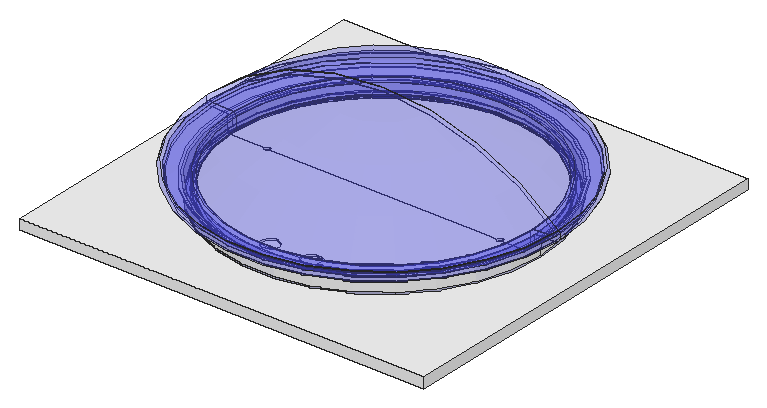
Revit family "BE_12140_de_DE", category Leuchten, Revit 2020
Family settings
  Basisbauteil = Fläche
  Bemaßung runder Anschluss = Durchmesser verwenden
  Teiletyp = Normal
  Beim Laden mit Abzugskörper schneiden = Ja
  Lichtquelle = Ja
  Gemeinsam genutzt = Nein
  Raumberechnungspunkt = Ja
Parameters (values of type "BEGA_12140_K3")
  built-in parameter 1150104 = 12.087 (stored number, unit not read)
  Wattage = 16.8 W
  Default Elevation = 0 mm
  built-in parameter 1150113 = 1 (stored number, unit not read)
  built-in parameter 1114218 = 1 (stored number, unit not read)
  Umgebungstemperatur = "25 °C"
  URL = "https://www.bega.com/de/produkt/12140"
  Typenkommentare = "© 2022 BEGA. Wir behalten uns das Recht vor, technische Änderungen ohne vorherige Ankündigung vorzunehmen."  # constant formula
  built-in parameter 1150134 = 12
  built-in parameter 1150109 = 1 (stored number, unit not read)
  Strom = ""
  built-in parameter 1150110 = 1 (stored number, unit not read)
  Spannung = 239.996 V
  Sonderanfertigung = no
  Seriennummer [instance] = "Hier können Sie die eindeutige Seriennummer für das Facility Management eintragen."
  Schutzklasse = "I"
  Schutzart = "IP 20"
  Scheinlast = 0 VA
  Produktdatenblatt = "http://www.bega.de/download/Xrfa/db/12140.db.de.pdf"
  Oberflächentemperatur = ""
  Neigungswinkel = 0.00°
  Model = "12140K4"
  Material_17 = BEGA_Reflektor
  Material_15 = BEGA_Leuchtmedium_matt
  Material_11 = BEGA_Glas_opal
  Material_09 = BEGA_Glas_klar
  Material_06 = BEGA_Oberfläche_Edelstahl_gebürstet
  Material_03 = BEGA_Oberfläche_Weiss_matt
  Material_02 = BEGA_Oberfläche_Silber_matt
  Material_01 [instance] = BEGA_Oberfläche_Grafit_matt
  M_W = no
  M_G = no
  M_A = no
  Logo = 0
  built-in parameter 1114217 = 1 (stored number, unit not read)
  built-in parameter 1150139 = (empty or 0)
  built-in parameter 1150105 = 628.35 (stored number, unit not read)
  built-in parameter 1150114 = 1 (stored number, unit not read)
  Lumens = 2185.68 lm
  built-in parameter 1150115 = 1 (stored number, unit not read)
  Leuchtenlichtstrom = "1486 lm"
  Leuchtenanzahl = ""
  Lebensdauerkriterien = "L70B50 @ 25 °C = 328000 h"
  Lastklassifizierung = Beleuchtung
  built-in parameter 1150112 = 1 (stored number, unit not read)
  Lampenlichtstrom = "2185 lm"
  Lamp = "LED 16.8 W"
  LED_Modulbezeichnung = "LED-0511/940"
  Hersteller = "BEGA"  # constant formula
  Halbstreuwinkel = ""
  Gewicht = "2.75 kg"
  Gebrauchslageneinschränkung [instance] = ""
  Frequenz = "0/50-60 Hz"
  Farbwiedergabeindex = "CRI > 90"
  Farbtemperaturverschiebung bei Dämpfen der Lampe = <Keine Auswahl>
  Farbtemperatur = "4000 K"
  Color Filter = 16777215
  built-in parameter 1150133 = 10 (stored number, unit not read)
  Energieeffizienzklasse = "LED A++ - A"
  built-in parameter 1150137 = (empty or 0)
  built-in parameter 1150132 = (empty or 0)
  ENEC = "ja"
  Dimmbar [instance] = "DALI"
  Photometric Web File = "BE_12140K4.IES"
  CE_Konformität = "ja"
  Bestellnummer = "12140K4"
  Beschreibung_Sonderanfertigung = "Hier können Sie Informationen zur Sonderanfertigung eintragen."
  Beschreibung = "Decken- und Wandleuchte"
  built-in parameter 1150106 = 6.2835 (stored number, unit not read)
  Befestigungsbohrung = "Ø 5,5 mm"
  Befestigungsabstand = "230 mm"
  Ballwurfsicher = ""
  BEGA_Intern_aus = yes
  BEGA_Intern_an = yes
  BEGA_Intern_Konstruktion = yes
  BEGA_Intern = yes
  BEGA_IES = yes
  BEGA_Dummy = no
  Anschlussleitung = ""
  Anschlussleistung [instance] = "20 W"
  Anschlusskasten = ""
  built-in parameter 1150107 = 4000 (stored number, unit not read)
  built-in parameter 1150102 = (empty or 0)
  built-in parameter 1150138 = (empty or 0)
  Aktualisierung = "2020-07-14T04:00:13"
  Abstand_zur_angestrahlten_Fläche [instance] = ""
  AC/DC = "AC/DC"
Types (2, lengths in mm): name | built-in parameter 1150104 | built-in parameter 1150134 | Model | built-in parameter 1150105 | Lumens | Leuchtenlichtstrom | Lampenlichtstrom | LED_Modulbezeichnung | Farbtemperatur | Photometric Web File | Bestellnummer | built-in parameter 1150106 | built-in parameter 1150107
  BEGA_12140_K3 | 11.669 (stored number, unit not read) | (empty or 0) | "12140K3" | 606.59 (stored number, unit not read) | 2110.08 lm | "1645 lm" | "2415 lm" | "LED-0511/930" | "3000 K" | "BE_12140K3.IES" | "12140K3" | 6.0659 (stored number, unit not read) | 3000 (stored number, unit not read)
  BEGA_12140_K27 | 12.087 (stored number, unit not read) | 12 | "12140K27" | 628.35 (stored number, unit not read) | 2185.68 lm | "1588 lm" | "2335 lm" | "LED-0511/927" | "2700 K" | "BE_12140K27.IES" | "12140K27" | 6.2835 (stored number, unit not read) | 4000 (stored number, unit not read)
Reference planes
  plane 1 "Mitte (Vorne/Hinten)": y = 0
  plane 2: z = 0
  plane 3 "Mitte (Links/Rechts)": x = 0
  plane 4 "Links": x = -175.231
  plane 5 "Rechts": x = 175.231
  plane 6 "Unten": y = -175.2
  plane 7 "Oben": y = 175.2
  plane 8 "Vorne": z = 98.4
  plane 9 "Hinten": z = 0
Forms (mm)
  Extrusion 1, solid, material "BEGA_Platte_Weiss"
    sketch origin (0, -1119.2, 0) x (1, 0, 0) y (0, 1, 0)
      loop
        line (-200, 1319.2) -> (-200, 919.2) -> (200, 919.2) -> (200, 1319.2) -> (-200, 1319.2)
    from 0 to -10
  Extrusion 2, solid, material "BEGA_Dummy_matt", visible <- "BEGA_Dummy"
    sketch origin (77.149, -76.023, 0) x (1, 0, 0) y (0, 1, 0)
      loop
        circle (-77.149, 76.023) r 175
    from 0 to 98.4
Dimensions and locks
  plane 1 "Mitte (Vorne/Hinten)" to Extrusion 1 = 200 mm
  aligned and locked: plane 2 to Extrusion 1
  aligned and locked: level to Extrusion 1
Nested families
  nested 1: "BE_12140" at (0, 0, 0) x (0, -1, 0) z (0, 0, 1), type "BE_12140"
Connectors
  electrical at (0, 0, 0), driven by "Lastklassifizierung", driven by "Spannung", driven by "Scheinlast"
    settings: index 1, voltage 239.996 V, apparent load 0 VA, apparent load phase1 0 VA, apparent load phase2 0 VA, apparent load phase3 0 VA, power factor 1, load classification "Beleuchtung", number of poles 1, system type 31, power factor state 1, is connector primary yes, connector utility no, sub classification motor no, connector description ""
Definition of nested family "BE_12140"
  Parameters (values of type "BE_12140")
    Default Elevation = 1 mm
    URL = "http://www.bega.de/de/produkt"
    Type Comments = "© 2015 BEGA. Wir behalten uns das Recht vor, technische Änderungen ohne vorherige Ankündigung vorzunehmen. "  # constant formula
    Type Image = (empty or 0)
    Neigungswinkel_um_Z2 = 0.00°
    Neigungswinkel_um_Z1 = 0.00°
    Neigungswinkel_um_Y2 = 0.00°
    Neigungswinkel_um_Y1 = 0.00°
    Neigungswinkel_um_X2 = 0.00°
    Neigungswinkel_um_X1 = 0.00°
    Material_17 = none
    Material_15 = none
    Material_11 = none
    Material_09 = none
    Material_06 = none
    Material_05 = none
    Material_03 = none
    Material_02 = none
    Material_01 = none
    M_W = yes
    M_G = yes
    M_A = yes
    Länge_Platte = 500 mm  # constant formula
    Höhe_Platte = -10 mm  # constant formula
    Manufacturer = "BEGA"  # constant formula
    Drehwinkel_um_Z2 = 0.00°
    Drehwinkel_um_Z1 = 0.00°
    Breite_Platte = 500 mm  # constant formula
  Reference planes
    plane 1 "Mitte (Oben/Unten)": y = 0
    plane 2: z = 0
    plane 3 "Mitte (Links/Rechts)": x = 0
    plane 4: y = 175.231
    plane 5: z = 98.4
    plane 6: y = -175.231
    plane 7: x = -175.2
    plane 8: x = 175.2
  Forms (mm)
    Extrusion 1, solid, detail levels medium
      sketch origin (0, 0, 0) x (1, 0, 0) y (0, 1, 0)
        loop
          line (-250, 250) -> (-250, -250) -> (250, -250) -> (250, 250) -> (-250, 250)
      from 0 to -10 <- "Höhe_Platte"
    Revolve 2, solid, material <- "Material_03", detail levels medium+fine
      sketch origin (0, 0, 0) x (0, 1, 0) y (0, 0, 1)
        loop
          line (159, 19.8) -> (159, 20.8) -> (156.831, 20.8)
          arc (156.831, 20.8) -> (155.563, 20.284) -> (155.024, 19.025) r 1.8
          line (155.024, 19.025) -> (154.767, 4.283)
          arc (154.767, 4.283) -> (154.468, 3.587) -> (153.767, 3.3) r 1
          line (153.767, 3.3) -> (0, 3.3) -> (0, 2.3) -> (153.767, 2.3)
          arc (153.767, 2.3) -> (155.169, 2.873) -> (155.767, 4.265) r 2
          line (155.767, 4.265) -> (156.024, 19.01)
          arc (156.024, 19.01) -> (156.264, 19.571) -> (156.829, 19.8) r 0.8
          line (156.829, 19.8) -> (159, 19.8)
        axis (0, 2.3) -> (0, 20.8)
      angle from 0 to 360
    Revolve 3, solid, material <- "Material_03", detail levels medium+fine
      sketch origin (0, 0, 0) x (0, 1, 0) y (0, 0, 1)
        loop
          arc (124.13, 1.943) -> (124.474, 2.206) -> (124.896, 2.3) r 1
          line (124.896, 2.3) -> (125.896, 3.3) -> (117.75, 3.3) -> (117.75, 0) -> (121.108, 0)
          arc (121.108, 0) -> (122.369, 0.281) -> (123.395, 1.067) r 3
          line (123.395, 1.067) -> (124.13, 1.943)
        axis (115, 3.3) -> (115, 0)
      angle from 0 to 360
    Revolve 4, solid, material <- "Material_03", detail levels medium+fine
      sketch origin (0, 0, 0) x (0, -1, 0) y (0, 0, 1)
        loop
          arc (124.13, 1.943) -> (124.474, 2.206) -> (124.896, 2.3) r 1
          line (124.896, 2.3) -> (125.896, 3.3) -> (117.75, 3.3) -> (117.75, 0) -> (121.108, 0)
          arc (121.108, 0) -> (122.369, 0.281) -> (123.395, 1.067) r 3
          line (123.395, 1.067) -> (124.13, 1.943)
        axis (115, 3.3) -> (115, 0)
      angle from 0 to 360
    Extrusion 5, void
      sketch origin (0, 0, 0) x (1, 0, 0) y (0, 1, 0)
        loop
          circle (115, 20) r 8.5
        loop
          circle (115, -20) r 8.5
        loop
          circle (0, 115) r 2.75
        loop
          circle (0, -115) r 2.75
      from 1.096 to 7.205
    Revolve 6, solid, material <- "Material_11", detail levels medium+fine
      sketch origin (0, 0, 0) x (0, 1, 0) y (0, 0, 1)
        loop
          line (153.75, 4.9) -> (153.75, 8.389)
          arc (153.75, 8.389) -> (153.616, 8.889) -> (153.25, 9.256) r 1
          line (153.25, 9.256) -> (149.499, 11.421)
          arc (149.499, 11.421) -> (149.133, 11.787) -> (149, 12.287) r 1
          line (149, 12.287) -> (149, 19.451)
          arc (149, 19.451) -> (149.277, 20.142) -> (149.956, 20.45) r 1
          line (149.956, 20.45) -> (169.559, 21.477)
          arc (169.559, 21.477) -> (174.894, 25.484) -> (173.228, 31.944) r 6
          arc (173.228, 31.944) -> (92.769, 81.216) -> (0, 98.4) r 258.999
          line (0, 98.4) -> (0, 94.4)
          arc (0, 94.4) -> (91.33, 77.483) -> (170.543, 28.978) r 255
          arc (170.543, 28.978) -> (171.123, 26.82) -> (169.341, 25.472) r 2
          line (169.341, 25.472) -> (148.791, 24.394)
          arc (148.791, 24.394) -> (146.425, 23.461) -> (145.1, 21.289) r 4
          line (145.1, 21.289) -> (145.1, 11.074)
          arc (145.1, 11.074) -> (145.5, 9.577) -> (146.592, 8.479) r 3.001
          line (146.592, 8.479) -> (148.263, 7.514)
          arc (148.263, 7.514) -> (149.358, 6.407) -> (149.75, 4.9) r 3.002
          line (149.75, 4.9) -> (153.75, 4.9)
        axis (0, 98.4) -> (0, 4.9)
      angle from 0 to 360
  Cuts and joins
    Extrusion 5 cuts Revolve 2
    Extrusion 5 cuts Revolve 3
    Extrusion 5 cuts Revolve 4
    joined: Revolve 2, Revolve 3, Revolve 4
  Dimensions and locks
    equal spacing: Extrusion 1 sketch curve, plane 3 "Mitte (Links/Rechts)", Extrusion 1 sketch curve
    equal spacing: Extrusion 1 sketch curve, plane 1 "Mitte (Oben/Unten)", Extrusion 1 sketch curve
    "Länge_Platte": Extrusion 1 sketch curve to Extrusion 1 sketch curve
    "Breite_Platte": Extrusion 1 sketch curve to Extrusion 1 sketch curve
    aligned and locked: Extrusion 1 to plane 2
    aligned and locked: level to Extrusion 1
  Automatic sketch dimensions
    Revolve 3 sketch curve to level = 0 mm
    level to Revolve 3 sketch curve = 3.3 mm
    Revolve 3 sketch curve to Revolve 3 sketch curve = 3.351 mm
    Revolve 3 sketch curve to Revolve 3 sketch curve = 0.007 mm
    level to Revolve 3 sketch curve = 1.067 mm
    Revolve 3 sketch curve to Revolve 3 sketch curve = 2.287 mm
    level to Revolve 3 sketch curve = 2.3 mm
    Revolve 3 sketch curve to Revolve 3 sketch curve = 1.501 mm
    Revolve 3 sketch curve to Revolve 3 sketch curve = 0 mm  (x2)
    Revolve 3 sketch curve to Revolve 3 sketch curve = 1 mm  (x2)
    Revolve 3 sketch curve to Revolve 3 sketch curve = 2.75 mm
    level to Revolve 3 sketch curve = 1.943 mm
    Revolve 3 sketch curve to Revolve 3 sketch curve = 0.766 mm
    Revolve 3 sketch curve to level = 2.001 mm
    Revolve 3 sketch curve to Revolve 3 sketch curve = 2 mm
    Revolve 4 sketch curve to level = 0 mm
    Revolve 4 sketch curve to level = 3.3 mm
    Revolve 4 sketch curve to Revolve 4 sketch curve = 3.351 mm
    Revolve 4 sketch curve to Revolve 4 sketch curve = 0.007 mm
    Revolve 4 sketch curve to level = 1.067 mm
    Revolve 4 sketch curve to Revolve 4 sketch curve = 2.287 mm
    Revolve 4 sketch curve to level = 2.3 mm
    Revolve 4 sketch curve to Revolve 4 sketch curve = 1.501 mm
    Revolve 4 sketch curve to Revolve 4 sketch curve = 0 mm  (x2)
    Revolve 4 sketch curve to Revolve 4 sketch curve = 1 mm  (x2)
    Revolve 4 sketch curve to Revolve 4 sketch curve = 2.75 mm
    Revolve 4 sketch curve to level = 1.943 mm
    Revolve 4 sketch curve to Revolve 4 sketch curve = 0.766 mm
    level to Revolve 4 sketch curve = 2.001 mm
    Revolve 4 sketch curve to Revolve 4 sketch curve = 2 mm
    Revolve 3 sketch curve to plane 1 "Mitte (Oben/Unten)" = 117.75 mm
    Revolve 4 sketch curve to plane 1 "Mitte (Oben/Unten)" = 117.75 mm
    Revolve 2 sketch curve to Revolve 2 sketch curve = 0 mm  (x11)
    Revolve 2 sketch curve to plane 1 "Mitte (Oben/Unten)" = 0 mm  (x2)
    level to Revolve 2 sketch curve = 4.3 mm
    level to Revolve 2 sketch curve = 4.283 mm
    Revolve 2 sketch curve to Revolve 2 sketch curve = 1 mm  (x4)
    Revolve 2 sketch curve to Revolve 2 sketch curve = 0.257 mm
    Revolve 2 sketch curve to Revolve 2 sketch curve = 0.8 mm
    Revolve 2 sketch curve to Revolve 2 sketch curve = 0.004 mm
    Revolve 2 sketch curve to Revolve 2 sketch curve = 0.002 mm
    Revolve 2 sketch curve to Revolve 2 sketch curve = 2.169 mm
    Revolve 2 sketch curve to Revolve 2 sketch curve = 14.717 mm
    Revolve 2 sketch curve to Revolve 2 sketch curve = 0.01 mm
    Revolve 2 sketch curve to Revolve 2 sketch curve = 0.015 mm
    level to Revolve 2 sketch curve = 4.265 mm
    Revolve 2 sketch curve to Revolve 2 sketch curve = 4 mm
    Revolve 6 sketch curve to Revolve 6 sketch curve = 0 mm  (x13)
    Revolve 6 sketch curve to plane 1 "Mitte (Oben/Unten)" = 0 mm  (x3)
    plane 1 "Mitte (Oben/Unten)" to Revolve 6 sketch curve = 0 mm
    level to Revolve 6 sketch curve = 8.479 mm
    Revolve 6 sketch curve to Revolve 6 sketch curve = 1.492 mm
    Revolve 6 sketch curve to Revolve 6 sketch curve = 0.156 mm
    Revolve 6 sketch curve to Revolve 6 sketch curve = 1.509 mm
    level to Revolve 6 sketch curve = 7.514 mm
    Revolve 6 sketch curve to Revolve 6 sketch curve = 1.671 mm
    Revolve 6 sketch curve to Revolve 6 sketch curve = 3.9 mm
    level to Revolve 6 sketch curve = 11.421 mm
    Revolve 6 sketch curve to Revolve 6 sketch curve = 1.397 mm
    Revolve 6 sketch curve to Revolve 6 sketch curve = 3.001 mm
    Revolve 6 sketch curve to Revolve 6 sketch curve = 0.956 mm
    Revolve 6 sketch curve to Revolve 6 sketch curve = 0.044 mm
    Revolve 6 sketch curve to Revolve 6 sketch curve = 0.501 mm
    Revolve 6 sketch curve to Revolve 6 sketch curve = 3.251 mm
    Revolve 6 sketch curve to Revolve 6 sketch curve = 1 mm
    Revolve 6 sketch curve to Revolve 6 sketch curve = 19.275 mm
    level to Revolve 6 sketch curve = 25.472 mm
    Revolve 6 sketch curve to Revolve 6 sketch curve = 0.11 mm
    level to Revolve 6 sketch curve = 21.477 mm
    Revolve 6 sketch curve to Revolve 6 sketch curve = 0.219 mm
    Revolve 6 sketch curve to Revolve 6 sketch curve = 2.591 mm
    Revolve 6 sketch curve to level = 160.599 mm
    Revolve 6 sketch curve to Revolve 6 sketch curve = 3.489 mm
    Revolve 6 sketch curve to Revolve 6 sketch curve = 0.348 mm
    Revolve 6 sketch curve to Revolve 6 sketch curve = 0.866 mm  (x2)
    Revolve 6 sketch curve to Revolve 6 sketch curve = 7.164 mm
    Revolve 6 sketch curve to Revolve 6 sketch curve = 0.949 mm
    Revolve 6 sketch curve to Revolve 6 sketch curve = 0.05 mm
    Revolve 6 sketch curve to Revolve 6 sketch curve = 0.889 mm
    Revolve 6 sketch curve to Revolve 6 sketch curve = 1.997 mm
    level to Revolve 6 sketch curve = 94.4 mm
    Revolve 6 sketch curve to Revolve 6 sketch curve = 4 mm
    Revolve 6 sketch curve to Revolve 6 sketch curve = 0.209 mm
    Revolve 6 sketch curve to Revolve 6 sketch curve = 0.499 mm
    Revolve 6 sketch curve to Revolve 6 sketch curve = 0.5 mm
    level to Revolve 6 sketch curve = 9.256 mm
    Revolve 6 sketch curve to Revolve 6 sketch curve = 0.07 mm
    Extrusion 5 sketch curve to plane 3 "Mitte (Links/Rechts)" = 0 mm  (x2)
    plane 1 "Mitte (Oben/Unten)" to Extrusion 5 sketch curve = 20 mm
    Extrusion 5 sketch curve to plane 1 "Mitte (Oben/Unten)" = 20 mm
    plane 3 "Mitte (Links/Rechts)" to Extrusion 5 sketch curve = 115 mm
    Extrusion 5 sketch curve to Extrusion 5 sketch curve = 0 mm
    Revolve 2 sketch curve to plane 1 "Mitte (Oben/Unten)" = 153.767 mm
    Extrusion 5 sketch curve to plane 1 "Mitte (Oben/Unten)" = 115 mm
    Revolve 6 sketch curve to plane 1 "Mitte (Oben/Unten)" = 145.1 mm
    plane 1 "Mitte (Oben/Unten)" to Extrusion 5 sketch curve = 115 mm
    Revolve 6 sketch curve to Revolve 6 sketch curve = 26.07 mm
    radius of Extrusion 5 sketch curve = 8.5 mm  (x2)
    radius of Extrusion 5 sketch curve = 2.75 mm  (x2)
